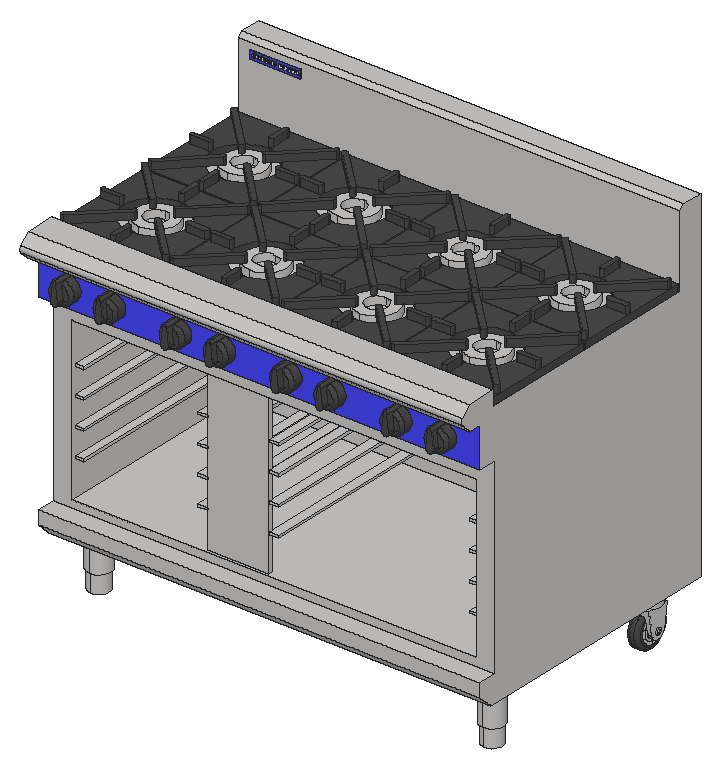
Revit family "QF_MOFFAT_BLUESEAL_CE_G518D-CB", category Specialty Equipment, Revit 2012
Parameters
  Weight in Pounds = 435  # constant formula
  URL Cutsheet = "www.moffat.com"
  URL = "www.moffat.com"
  Type Mark [instance] = ""
  Status [instance] = ""
  Specification by User [instance] = ""
  Specification by Manufacturer = ""
  Show Logo [instance] = yes
  Show Casters [instance] = yes
  Serial Number = ""
  Seismic Rating = ""
  SMACNA No = ""
  Revision Code [instance] = ""
  Omniclass Number and Title = ""
  NAFEM Spec ID Number = ""
  Model = "G518D-CB"
  Mechanical Remarks [instance] = ""
  Mechanical Connection Type [instance] = ""
  Masterspec = ""
  Manufacturer = "MOFFAT BLUESEAL"
  Legs [instance] = not(Show Casters)  # no
  Item Number [instance] = ""
  Installed By [instance] = ""
  Identify Quantity as Lot [instance] = yes
  Gas Size = 3/4"
  Gas RI Height [instance] = 0.0 mm
  Gas KW [instance] = 62.2
  Gas Input [instance] = 212311.0 Btu/h
  Gas Connection Height = 0.0 mm
  Furnished By [instance] = ""
  Foodservice Equipment Identifier [instance] = yes
  Description = "1200MM GAS COOK TOP ON CABINET BASE"
  CSI MasterFormat = ""
  CSI Master Format = ""
  Body Height [instance] = 915.0 mm
  Base Height [instance] = 150.0 mm
Reference planes
  plane 1 "BACK": y = 0
  plane 2: z = 0
  plane 3 "LEFT": x = 0
  plane 4 "RIGHT": x = 1200
  plane 5 "FRONT": y = -812
  plane 6 "TOP": z = 970
  plane 7 "Center Y": x = 600
  plane 8 "Center X": y = -406
  plane 9 "Base Height": z = 150
  plane 10: x = 1134
  plane 11: x = 65
  plane 12: z = 915
  plane 13: z = 1085
  plane 14: y = -100
  plane 15: y = -625
Forms (mm)
  Extrusion 1, solid, material "QF_Finishes_Stainless Steel"
    sketch origin (0, 0, 0) x (0, 1, 0) y (0, 0, 1)
      loop
        line (0, 150) -> (0, 1085) -> (-57.5, 1085) -> (-70, 1072.5) -> (-70, 875) -> (-705, 875) -> (-705, 915) -> (-783.97, 915) -> (-808.485, 890.485)
        arc (-808.485, 890.485) -> (-811.999, 882) -> (-808.485, 873.515) r 12
        line (-808.485, 873.515) -> (-784.97, 850) -> (-749, 850) -> (-749, 740) -> (-135.7, 740) -> (-135.7, 150) -> (0, 150)
      loop
        line (-699, 222.5) -> (-749, 222.5) -> (-749, 186) -> (-713, 150) -> (-699, 150) -> (-699, 222.5)
    from 0 to 1200
  Extrusion 2, solid, material "QF_Finishes_Stainless Steel"
    sketch origin (705, 3, 100) x (1, 0, 0) y (0, 1, 0)
      loop
        circle (365, -35) r 13.5
    from 555 to 599.856
  Revolve 3, solid, material "QF_Finishes_Black"
    sketch origin (89.999, 7, 759.972) x (0, 1, 0) y (0, 0, -1)
      loop
        line (-789, -69.5) -> (-766, -69.5) -> (-766, -42) -> (-756, -42) -> (-756, -37) -> (-800, -37) -> (-800, -63.651) -> (-789, -69.5)
      axis (-800, -37) -> (-756, -37)
    angle from 0 to 360
  Extrusion 4, solid, material "QF_Finishes_Black"
    sketch origin (228.269, 0, 760.13) x (-1, 0, 0) y (0, 0, -1)
      loop
        line (127.85, -26.064) -> (133.27, -68.983)
        arc (133.27, -68.983) -> (138.269, -73.87) -> (143.267, -68.983) r 5
        line (143.267, -68.983) -> (148.756, -24.898)
        arc (148.756, -24.898) -> (137.684, -14.399) -> (127.85, -26.064) r 10.487
    from 759 to 808
  Revolve 5, solid, material "QF_Finishes_Stainless Steel"
    sketch origin (65, -728, 0) x (0, 1, 0) y (0, 0, 1)
      loop
        line (71.25, 150) -> (71.25, 50) -> (75.5, 50) -> (75.5, 0) -> (103, 0) -> (103, 150) -> (71.25, 150)
      axis (103, 150) -> (103, 0)
    angle from 0 to 360
  Revolve 6, solid, material "QF_Finishes_Stainless Steel"
    sketch origin (1134, -728, 0) x (0, 1, 0) y (0, 0, -1)
      loop
        line (71.25, -150) -> (103, -150) -> (103, 0) -> (75.5, 0) -> (75.5, -50) -> (71.25, -50) -> (71.25, -150)
      axis (103, -150) -> (103, 0)
    angle from 0 to 360
  Extrusion 7, solid, material "QF_Finishes_Stainless Steel"
    sketch origin (0, 0, 0) x (1, 0, 0) y (0, 0, 1)
      loop
        line (0, 740) -> (0, 150) -> (1200, 150) -> (1200, 740) -> (0, 740)
      loop
        line (50, 680) -> (50, 242.5) -> (1150, 242.5) -> (1150, 680) -> (50, 680)
    from 135.7 to 699
  Extrusion 8, void
    sketch origin (0, 0, 150) x (-1, 0, 0) y (0, -1, 0)
      loop
        line (-1133.988, 87.26) -> (-1133.988, -30.24) -> (-1004.488, -30.24) -> (-1004.488, 38.76) -> (-1052.988, 87.26) -> (-1133.988, 87.26)
    from 72.5 to 549.856
  Extrusion 9, solid, material "QF_Finishes_Stainless Steel"
    sketch origin (0, -135.7, 735) x (0, 0, 1) y (-1, 0, 0)
      loop
        line (-50, -578.5) -> (-50, -412.5) -> (-492.5, -412.5) -> (-492.5, -578.5) -> (-50, -578.5)
    from 543.302 to 553.302
  Extrusion 10, solid, material "QF_Finishes_Stainless Steel"
    sketch origin (0, -135.7, 735) x (0, 0, 1) y (-1, 0, 0)
      loop
        line (-246.25, -410.75) -> (-239.9, -410.75) -> (-239.9, -385.75) -> (-246.25, -385.75) -> (-246.25, -410.75)
      loop
        line (-321.25, -410.75) -> (-314.9, -410.75) -> (-314.9, -385.75) -> (-321.25, -385.75) -> (-321.25, -410.75)
      loop
        line (-321.25, -50) -> (-321.25, -75) -> (-314.9, -75) -> (-314.9, -50) -> (-321.25, -50)
      loop
        line (-239.9, -75) -> (-239.9, -50) -> (-246.25, -50) -> (-246.25, -75) -> (-239.9, -75)
      loop
        line (-396.25, -410.75) -> (-389.9, -410.75) -> (-389.9, -385.75) -> (-396.25, -385.75) -> (-396.25, -410.75)
      loop
        line (-396.25, -50) -> (-396.25, -75) -> (-389.9, -75) -> (-389.9, -50) -> (-396.25, -50)
      loop
        line (-171.25, -410.75) -> (-164.9, -410.75) -> (-164.9, -385.75) -> (-171.25, -385.75) -> (-171.25, -410.75)
      loop
        line (-164.9, -75) -> (-164.9, -50) -> (-171.25, -50) -> (-171.25, -75) -> (-164.9, -75)
      loop
        line (-246.25, -579.25) -> (-246.25, -604.25) -> (-239.9, -604.25) -> (-239.9, -579.25) -> (-246.25, -579.25)
      loop
        line (-321.25, -579.25) -> (-321.25, -604.25) -> (-314.9, -604.25) -> (-314.9, -579.25) -> (-321.25, -579.25)
      loop
        line (-321.25, -1150) -> (-314.9, -1150) -> (-314.9, -1125) -> (-321.25, -1125) -> (-321.25, -1150)
      loop
        line (-239.9, -1125) -> (-246.25, -1125) -> (-246.25, -1150) -> (-239.9, -1150) -> (-239.9, -1125)
      loop
        line (-396.25, -579.25) -> (-396.25, -604.25) -> (-389.9, -604.25) -> (-389.9, -579.25) -> (-396.25, -579.25)
      loop
        line (-396.25, -1150) -> (-389.9, -1150) -> (-389.9, -1125) -> (-396.25, -1125) -> (-396.25, -1150)
      loop
        line (-171.25, -579.25) -> (-171.25, -604.25) -> (-164.9, -604.25) -> (-164.9, -579.25) -> (-171.25, -579.25)
      loop
        line (-164.9, -1125) -> (-171.25, -1125) -> (-171.25, -1150) -> (-164.9, -1150) -> (-164.9, -1125)
    from 0 to 553.302
  Revolve 11, solid, material "QF_Finishes_Black"
    sketch origin (210, 7, 760) x (0, 1, 0) y (0, 0, -1)
      loop
        line (-789, -69.5) -> (-766, -69.5) -> (-766, -42) -> (-756, -42) -> (-756, -37) -> (-800, -37) -> (-800, -63.651) -> (-789, -69.5)
      axis (-800, -37) -> (-756, -37)
    angle from 0 to 360
  Extrusion 12, solid, material "QF_Finishes_Black"
    sketch origin (348.27, 0, 760.158) x (-1, 0, 0) y (0, 0, -1)
      loop
        line (127.85, -26.064) -> (133.27, -68.983)
        arc (133.27, -68.983) -> (138.269, -73.87) -> (143.267, -68.983) r 5
        line (143.267, -68.983) -> (148.756, -24.898)
        arc (148.756, -24.898) -> (137.684, -14.399) -> (127.85, -26.064) r 10.487
    from 759 to 808
  Revolve 13, solid, material "QF_Finishes_Black"
    sketch origin (390, 7, 760) x (0, 1, 0) y (0, 0, -1)
      loop
        line (-789, -69.5) -> (-766, -69.5) -> (-766, -42) -> (-756, -42) -> (-756, -37) -> (-800, -37) -> (-800, -63.651) -> (-789, -69.5)
      axis (-800, -37) -> (-756, -37)
    angle from 0 to 360
  Extrusion 14, solid, material "QF_Finishes_Black"
    sketch origin (528.27, 0, 760.158) x (-1, 0, 0) y (0, 0, -1)
      loop
        line (127.85, -26.064) -> (133.27, -68.983)
        arc (133.27, -68.983) -> (138.269, -73.87) -> (143.267, -68.983) r 5
        line (143.267, -68.983) -> (148.756, -24.898)
        arc (148.756, -24.898) -> (137.684, -14.399) -> (127.85, -26.064) r 10.487
    from 759 to 808
  Revolve 15, solid, material "QF_Finishes_Black"
    sketch origin (510.001, 7, 760.028) x (0, 1, 0) y (0, 0, -1)
      loop
        line (-789, -69.5) -> (-766, -69.5) -> (-766, -42) -> (-756, -42) -> (-756, -37) -> (-800, -37) -> (-800, -63.651) -> (-789, -69.5)
      axis (-800, -37) -> (-756, -37)
    angle from 0 to 360
  Extrusion 16, solid, material "QF_Finishes_Black"
    sketch origin (648.27, 0, 760.186) x (-1, 0, 0) y (0, 0, -1)
      loop
        line (127.85, -26.064) -> (133.27, -68.983)
        arc (133.27, -68.983) -> (138.269, -73.87) -> (143.267, -68.983) r 5
        line (143.267, -68.983) -> (148.756, -24.898)
        arc (148.756, -24.898) -> (137.684, -14.399) -> (127.85, -26.064) r 10.487
    from 759 to 808
  Revolve 17, solid, material "QF_Finishes_Black"
    sketch origin (690, 7, 760) x (0, 1, 0) y (0, 0, -1)
      loop
        line (-789, -69.5) -> (-766, -69.5) -> (-766, -42) -> (-756, -42) -> (-756, -37) -> (-800, -37) -> (-800, -63.651) -> (-789, -69.5)
      axis (-800, -37) -> (-756, -37)
    angle from 0 to 360
  Extrusion 18, solid, material "QF_Finishes_Black"
    sketch origin (828.27, 0, 760.158) x (-1, 0, 0) y (0, 0, -1)
      loop
        line (127.85, -26.064) -> (133.27, -68.983)
        arc (133.27, -68.983) -> (138.269, -73.87) -> (143.267, -68.983) r 5
        line (143.267, -68.983) -> (148.756, -24.898)
        arc (148.756, -24.898) -> (137.684, -14.399) -> (127.85, -26.064) r 10.487
    from 759 to 808
  Revolve 19, solid, material "QF_Finishes_Black"
    sketch origin (810.001, 7, 760.028) x (0, 1, 0) y (0, 0, -1)
      loop
        line (-789, -69.5) -> (-766, -69.5) -> (-766, -42) -> (-756, -42) -> (-756, -37) -> (-800, -37) -> (-800, -63.651) -> (-789, -69.5)
      axis (-800, -37) -> (-756, -37)
    angle from 0 to 360
  Extrusion 20, solid, material "QF_Finishes_Black"
    sketch origin (948.27, 0, 760.186) x (-1, 0, 0) y (0, 0, -1)
      loop
        line (127.85, -26.064) -> (133.27, -68.983)
        arc (133.27, -68.983) -> (138.269, -73.87) -> (143.267, -68.983) r 5
        line (143.267, -68.983) -> (148.756, -24.898)
        arc (148.756, -24.898) -> (137.684, -14.399) -> (127.85, -26.064) r 10.487
    from 759 to 808
  Revolve 21, solid, material "QF_Finishes_Black"
    sketch origin (990, 7, 760) x (0, 1, 0) y (0, 0, -1)
      loop
        line (-789, -69.5) -> (-766, -69.5) -> (-766, -42) -> (-756, -42) -> (-756, -37) -> (-800, -37) -> (-800, -63.651) -> (-789, -69.5)
      axis (-800, -37) -> (-756, -37)
    angle from 0 to 360
  Extrusion 22, solid, material "QF_Finishes_Black"
    sketch origin (1128.27, 0, 760.158) x (-1, 0, 0) y (0, 0, -1)
      loop
        line (127.85, -26.064) -> (133.27, -68.983)
        arc (133.27, -68.983) -> (138.269, -73.87) -> (143.267, -68.983) r 5
        line (143.267, -68.983) -> (148.756, -24.898)
        arc (148.756, -24.898) -> (137.684, -14.399) -> (127.85, -26.064) r 10.487
    from 759 to 808
  Revolve 23, solid, material "QF_Finishes_Black"
    sketch origin (1110.001, 7, 760.028) x (0, 1, 0) y (0, 0, -1)
      loop
        line (-789, -69.5) -> (-766, -69.5) -> (-766, -42) -> (-756, -42) -> (-756, -37) -> (-800, -37) -> (-800, -63.651) -> (-789, -69.5)
      axis (-800, -37) -> (-756, -37)
    angle from 0 to 360
  Extrusion 24, solid, material "QF_Finishes_Black"
    sketch origin (1248.27, 0, 760.186) x (-1, 0, 0) y (0, 0, -1)
      loop
        line (127.85, -26.064) -> (133.27, -68.983)
        arc (133.27, -68.983) -> (138.269, -73.87) -> (143.267, -68.983) r 5
        line (143.267, -68.983) -> (148.756, -24.898)
        arc (148.756, -24.898) -> (137.684, -14.399) -> (127.85, -26.064) r 10.487
    from 759 to 808
  Revolve 25, solid, material "QF_Finishes_Stainless Steel", visible <- "Legs"
    sketch origin (65.5, -166, 0) x (0, 1, 0) y (0, 0, 1)
      loop
        line (34.25, 150) -> (34.25, 50) -> (38.5, 50) -> (38.5, 0) -> (66, 0) -> (66, 150) -> (34.25, 150)
      axis (66, 150) -> (66, 0)
    angle from 0 to 360
  Revolve 26, solid, material "QF_Finishes_Stainless Steel", visible <- "Show Casters"
    sketch origin (16.276, -100.755, -12.8) x (1, 0, 0) y (0, 0, 1)
      loop
        line (14.841, 63.604) -> (83.584, 63.604) -> (83.584, 67.109) -> (82.314, 68.379) -> (80.79, 68.379) -> (80.79, 71.826) -> (68.644, 71.826) -> (68.644, 81.79) -> (65.088, 83.843) -> (63.738, 92.179) -> (65.881, 92.179) -> (65.881, 98.529) -> (65.088, 98.529) -> (65.088, 104.879)
        arc (65.088, 104.879) -> (62.298, 111.614) -> (55.563, 114.404) r 9.525
        line (55.563, 114.404) -> (42.863, 114.404)
        arc (42.863, 114.404) -> (36.127, 111.614) -> (33.338, 104.879) r 9.525
        line (33.338, 104.879) -> (33.338, 98.529) -> (32.544, 98.529) -> (32.544, 92.179) -> (34.687, 92.179) -> (33.352, 83.932) -> (29.782, 81.871) -> (29.782, 71.826) -> (17.635, 71.826) -> (17.635, 68.379) -> (16.111, 68.379) -> (14.841, 67.109) -> (14.841, 63.604)
      axis (14.841, 63.604) -> (83.584, 63.604)
    angle from 0 to 360
  Extrusion 27, solid, material "QF_Finishes_Stainless Steel", visible <- "Show Casters"
    sketch origin (72.001, 132.353, -8.783) x (0, 1, 0) y (0, 0, 1)
      loop
        line (-200.603, 118.783) -> (-264.103, 118.783) -> (-251.746, 53.895)
        arc (-251.746, 53.895) -> (-232.353, 38.783) -> (-212.959, 53.895) r 20
        line (-212.959, 53.895) -> (-200.603, 118.783)
    from -35.667 to 22.923
  Revolve 28, solid, material "QF_Finishes_Stainless Steel", visible <- "Show Casters"
    sketch origin (65.5, -204, 0) x (0, 1, 0) y (0, 0, 1)
      loop
        line (68.25, 150) -> (68.25, 110) -> (104, 110) -> (104, 150) -> (68.25, 150)
      axis (104, 150) -> (104, 110)
    angle from 0 to 360
  Revolve 29, solid, material "QF_Finishes_Stainless Steel", visible <- "Legs"
    sketch origin (65.5, -166, 0) x (0, 1, 0) y (0, 0, 1)
      loop
        line (34.25, 150) -> (34.25, 50) -> (38.5, 50) -> (38.5, 0) -> (66, 0) -> (66, 150) -> (34.25, 150)
      axis (66, 150) -> (66, 0)
    angle from 0 to 360
  Revolve 30, solid, material "QF_Finishes_Stainless Steel", visible <- "Legs"
    sketch origin (1134.5, -166, 0) x (0, 1, 0) y (0, 0, -1)
      loop
        line (34.25, -150) -> (66, -150) -> (66, 0) -> (38.5, 0) -> (38.5, -50) -> (34.25, -50) -> (34.25, -150)
      axis (66, -150) -> (66, 0)
    angle from 0 to 360
  Revolve 31, solid, material "QF_Finishes_Stainless Steel", visible <- "Show Casters"
    sketch origin (1183.724, -100.755, -12.8) x (-1, 0, 0) y (0, 0, -1)
      loop
        line (14.841, -63.604) -> (14.841, -67.109) -> (16.111, -68.379) -> (17.635, -68.379) -> (17.635, -71.826) -> (29.782, -71.826) -> (29.782, -81.871) -> (33.352, -83.932) -> (34.687, -92.179) -> (32.544, -92.179) -> (32.544, -98.529) -> (33.338, -98.529) -> (33.338, -104.879)
        arc (33.338, -104.879) -> (36.127, -111.614) -> (42.863, -114.404) r 9.525
        line (42.863, -114.404) -> (55.563, -114.404)
        arc (55.563, -114.404) -> (62.298, -111.614) -> (65.088, -104.879) r 9.525
        line (65.088, -104.879) -> (65.088, -98.529) -> (65.881, -98.529) -> (65.881, -92.179) -> (63.738, -92.179) -> (65.088, -83.843) -> (68.644, -81.79) -> (68.644, -71.826) -> (80.79, -71.826) -> (80.79, -68.379) -> (82.314, -68.379) -> (83.584, -67.109) -> (83.584, -63.604) -> (14.841, -63.604)
      axis (14.841, -63.604) -> (83.584, -63.604)
    angle from 0 to 360
  Extrusion 32, solid, material "QF_Finishes_Stainless Steel", visible <- "Show Casters"
    sketch origin (1127.999, 132.353, -8.783) x (0, 1, 0) y (0, 0, -1)
      loop
        line (-200.603, -118.783) -> (-212.959, -53.895)
        arc (-212.959, -53.895) -> (-232.353, -38.783) -> (-251.746, -53.895) r 20
        line (-251.746, -53.895) -> (-264.103, -118.783) -> (-200.603, -118.783)
    from -35.667 to 22.923
  Revolve 33, solid, material "QF_Finishes_Stainless Steel", visible <- "Show Casters"
    sketch origin (1134.5, -204, 0) x (0, 1, 0) y (0, 0, -1)
      loop
        line (68.25, -150) -> (104, -150) -> (104, -110) -> (68.25, -110) -> (68.25, -150)
      axis (104, -150) -> (104, -110)
    angle from 0 to 360
  Revolve 34, solid, material "QF_Finishes_Stainless Steel", visible <- "Legs"
    sketch origin (1134.5, -166, 0) x (0, 1, 0) y (0, 0, -1)
      loop
        line (34.25, -150) -> (66, -150) -> (66, 0) -> (38.5, 0) -> (38.5, -50) -> (34.25, -50) -> (34.25, -150)
      axis (66, -150) -> (66, 0)
    angle from 0 to 360
Cuts and joins
  Extrusion 8 cuts Extrusion 1
  joined: Extrusion 1, Extrusion 7
Lines and regions (mm)
  Split face 1
    outline origin (1200, 0, 1085) x (-1, 0, 0) y (0, -1, 0)
      loop
        arc (1167.206, 18.385) -> (1175.866, 23.385) -> (1175.866, 33.385) r 10
        line (1175.866, 33.385) -> (1171.824, 40.385)
        arc (1171.824, 40.385) -> (1168.164, 44.045) -> (1163.164, 45.385) r 10
        line (1163.164, 45.385) -> (935.206, 45.385)
        arc (935.206, 45.385) -> (926.545, 40.385) -> (926.545, 30.385) r 10
        line (926.545, 30.385) -> (930.587, 23.385)
        arc (930.587, 23.385) -> (934.247, 19.725) -> (939.247, 18.385) r 10
        line (939.247, 18.385) -> (1167.206, 18.385)
  Split face 2
    outline origin (1200, 0, 1085) x (-1, 0, 0) y (0, -1, 0)
      loop
        arc (35.206, 45.385) -> (26.545, 40.385) -> (26.545, 30.385) r 10
        line (26.545, 30.385) -> (30.587, 23.385)
        arc (30.587, 23.385) -> (34.247, 19.725) -> (39.247, 18.385) r 10
        line (39.247, 18.385) -> (267.206, 18.385)
        arc (267.206, 18.385) -> (275.866, 23.385) -> (275.866, 33.385) r 10
        line (275.866, 33.385) -> (271.824, 40.385)
        arc (271.824, 40.385) -> (268.164, 44.045) -> (263.164, 45.385) r 10
        line (263.164, 45.385) -> (35.206, 45.385)
  Split face 3
    outline origin (1200, 0, 1085) x (-1, 0, 0) y (0, -1, 0)
      loop
        arc (335.206, 45.385) -> (326.545, 40.385) -> (326.545, 30.385) r 10
        line (326.545, 30.385) -> (330.587, 23.385)
        arc (330.587, 23.385) -> (334.247, 19.725) -> (339.247, 18.385) r 10
        line (339.247, 18.385) -> (567.206, 18.385)
        arc (567.206, 18.385) -> (575.866, 23.385) -> (575.866, 33.385) r 10
        line (575.866, 33.385) -> (571.824, 40.385)
        arc (571.824, 40.385) -> (568.164, 44.045) -> (563.164, 45.385) r 10
        line (563.164, 45.385) -> (335.206, 45.385)
  Split face 4
    outline origin (1200, 0, 1085) x (-1, 0, 0) y (0, -1, 0)
      loop
        arc (867.206, 18.385) -> (875.866, 23.385) -> (875.866, 33.385) r 10
        line (875.866, 33.385) -> (871.824, 40.385)
        arc (871.824, 40.385) -> (868.164, 44.045) -> (863.164, 45.385) r 10
        line (863.164, 45.385) -> (635.206, 45.385)
        arc (635.206, 45.385) -> (626.545, 40.385) -> (626.545, 30.385) r 10
        line (626.545, 30.385) -> (630.587, 23.385)
        arc (630.587, 23.385) -> (634.247, 19.725) -> (639.247, 18.385) r 10
        line (639.247, 18.385) -> (867.206, 18.385)
  symbolic lines
    curve 1: line (1200, -812, 0) -> (1200, 0, 0)
    curve 2: line (0, -812, 0) -> (1200, -812, 0)
    curve 3: line (0, 0, 0) -> (0, -812, 0)
    curve 12: line (632.794, -18.385, 0) -> (860.753, -18.385, 0)
    curve 13: line (560.753, -18.385, 0) -> (332.794, -18.385, 0)
    curve 14: arc (332.794, -18.385, 0) -> (324.134, -23.385, 0) -> (324.134, -33.385, 0) r 10
    curve 15: line (324.134, -33.385, 0) -> (328.176, -40.385, 0)
    curve 16: arc (328.176, -40.385, 0) -> (331.836, -44.045, 0) -> (336.836, -45.385, 0) r 10
    curve 17: line (336.836, -45.385, 0) -> (564.794, -45.385, 0)
    curve 18: arc (564.794, -45.385, 0) -> (573.455, -40.385, 0) -> (573.455, -30.385, 0) r 10
    curve 19: line (573.455, -30.385, 0) -> (569.413, -23.385, 0)
    curve 20: arc (569.413, -23.385, 0) -> (565.753, -19.725, 0) -> (560.753, -18.385, 0) r 10
    curve 21: line (32.794, -18.385, 0) -> (260.753, -18.385, 0)
    curve 22: arc (260.753, -18.385, 0) -> (265.753, -19.725, 0) -> (269.413, -23.385, 0) r 10
    curve 23: line (269.413, -23.385, 0) -> (273.455, -30.385, 0)
    curve 24: arc (273.455, -30.385, 0) -> (273.455, -40.385, 0) -> (264.794, -45.385, 0) r 10
    curve 25: line (264.794, -45.385, 0) -> (36.836, -45.385, 0)
    curve 26: arc (36.836, -45.385, 0) -> (31.836, -44.045, 0) -> (28.176, -40.385, 0) r 10
    curve 27: line (28.176, -40.385, 0) -> (24.134, -33.385, 0)
    curve 28: arc (24.134, -33.385, 0) -> (24.134, -23.385, 0) -> (32.794, -18.385, 0) r 10
    curve 29: line (932.794, -18.385, 0) -> (1160.753, -18.385, 0)
    curve 30: arc (1160.753, -18.385, 0) -> (1165.753, -19.725, 0) -> (1169.413, -23.385, 0) r 10
    curve 31: line (1169.413, -23.385, 0) -> (1173.455, -30.385, 0)
    curve 32: arc (1173.455, -30.385, 0) -> (1173.455, -40.385, 0) -> (1164.794, -45.385, 0) r 10
    curve 33: line (1164.794, -45.385, 0) -> (936.836, -45.385, 0)
    curve 34: arc (936.836, -45.385, 0) -> (931.836, -44.045, 0) -> (928.176, -40.385, 0) r 10
    curve 35: line (928.176, -40.385, 0) -> (924.134, -33.385, 0)
    curve 36: arc (924.134, -33.385, 0) -> (924.134, -23.385, 0) -> (932.794, -18.385, 0) r 10
    curve 37: line (636.836, -45.385, 0) -> (864.794, -45.385, 0)
    curve 38: arc (864.794, -45.385, 0) -> (873.455, -40.385, 0) -> (873.455, -30.385, 0) r 10
    curve 39: line (873.455, -30.385, 0) -> (869.413, -23.385, 0)
    curve 40: arc (869.413, -23.385, 0) -> (865.753, -19.725, 0) -> (860.753, -18.385, 0) r 10
    curve 41: line (860.753, -18.385, 0) -> (632.794, -18.385, 0)
    curve 42: arc (632.794, -18.385, 0) -> (624.134, -23.385, 0) -> (624.134, -33.385, 0) r 10
    curve 43: line (624.134, -33.385, 0) -> (628.176, -40.385, 0)
    curve 44: arc (628.176, -40.385, 0) -> (631.836, -44.045, 0) -> (636.836, -45.385, 0) r 10
    curve 45: line (0, 0, 0) -> (1200, 0, 0)
    curve 46: line (0, -783.97, 0) -> (1200, -783.97, 0)
    curve 47: line (-1, -705, 0) -> (1199, -705, 0)
    curve 48: line (0, -70, 0) -> (1200, -70, 0)
    curve 49: line (0, -57.5, 0) -> (1200, -57.5, 0)
  symbolic lines, style "SpecialityEquipmentHiddenLines", visible <- "Show Casters"
    curve 4: line (78.456, -46.735, 0) -> (105.952, -62.61, 0)
    curve 5: line (27.656, -134.723, 0) -> (78.456, -46.735, 0)
    curve 6: line (55.152, -150.598, 0) -> (27.656, -134.723, 0)
    curve 7: line (105.952, -62.61, 0) -> (55.152, -150.598, 0)
    curve 8: line (1148.456, -46.735, 0) -> (1175.952, -62.61, 0)
    curve 9: line (1097.656, -134.723, 0) -> (1148.456, -46.735, 0)
    curve 10: line (1125.152, -150.598, 0) -> (1097.656, -134.723, 0)
    curve 11: line (1175.952, -62.61, 0) -> (1125.152, -150.598, 0)
Dimensions and locks
  equal spacing: plane 3 "LEFT", plane 7 "Center Y", plane 4 "RIGHT"
  plane 3 "LEFT" to plane 4 "RIGHT" = 1200.0 mm
  equal spacing: plane 5 "FRONT", plane 8 "Center X", plane 1 "BACK"
  plane 5 "FRONT" to plane 1 "BACK" = 812.0 mm
  "Base Height": plane 9 "Base Height" to level
  plane 6 "TOP" to level = 970.0 mm
  plane 10 to plane 11 = 1069.0 mm
  level to Extrusion 2 = 655.0 mm
  Extrusion 8 to Extrusion 8 = 477.356 mm
  plane 13 to plane 2 = 1085.0 mm
  Extrusion 2 sketch curve to plane 1 "BACK" = 32.0 mm
  Revolve 26 sketch curve to Revolve 26 sketch curve = 50.8 mm
  Revolve 31 sketch curve to Revolve 31 sketch curve = 50.8 mm
  aligned and locked: level to plane 2
Automatic sketch dimensions
  Extrusion 1 sketch curve to plane 12 = 0.0 mm
  Extrusion 1 sketch curve to plane 9 "Base Height" = 0.0 mm  (x2)
  Extrusion 1 sketch curve to plane 13 = 0.0 mm
  Extrusion 1 sketch curve to plane 1 "BACK" = 0.0 mm
  Extrusion 1 sketch curve to Extrusion 1 sketch curve = 57.5 mm
  Extrusion 1 sketch curve to plane 13 = 12.5 mm
  Extrusion 1 sketch curve to Extrusion 1 sketch curve = 12.5 mm
  plane 1 "BACK" to Extrusion 1 sketch curve = 135.7 mm
  Extrusion 1 sketch curve to plane 5 "FRONT" = 113.0 mm
  Extrusion 1 sketch curve to plane 12 = 40.0 mm
  Extrusion 1 sketch curve to plane 5 "FRONT" = 107.0 mm
  Extrusion 1 sketch curve to Extrusion 1 sketch curve = 14.0 mm
  Extrusion 1 sketch curve to plane 5 "FRONT" = 63.0 mm
  Extrusion 1 sketch curve to Extrusion 1 sketch curve = 50.0 mm
  Extrusion 1 sketch curve to plane 5 "FRONT" = 28.03 mm
  Extrusion 1 sketch curve to plane 5 "FRONT" = 27.03 mm
  Extrusion 1 sketch curve to plane 5 "FRONT" = 12.001 mm
  Extrusion 1 sketch curve to plane 5 "FRONT" = 3.515 mm  (x2)
  plane 9 "Base Height" to Extrusion 1 sketch curve = 36.0 mm
  Extrusion 1 sketch curve to Extrusion 1 sketch curve = 36.5 mm
  Extrusion 1 sketch curve to Extrusion 1 sketch curve = 135.0 mm
  Extrusion 1 sketch curve to Extrusion 1 sketch curve = 25.0 mm
  Extrusion 1 sketch curve to Extrusion 1 sketch curve = 23.515 mm
  Extrusion 1 sketch curve to Extrusion 1 sketch curve = 8.485 mm
  Extrusion 2 sketch curve to plane 10 = 64.0 mm
  Revolve 3 sketch curve to plane 5 "FRONT" = 19.0 mm
  Revolve 3 sketch curve to Revolve 3 sketch curve = 0.0 mm  (x2)
  Revolve 3 sketch curve to Revolve 3 sketch curve = 11.0 mm
  Revolve 3 sketch curve to Revolve 3 sketch curve = 12.7 mm
  Revolve 3 sketch curve to Revolve 3 sketch curve = 23.0 mm
  Revolve 3 sketch curve to Revolve 3 sketch curve = 10.0 mm
  Revolve 3 sketch curve to plane 12 = 85.528 mm
  Revolve 3 sketch curve to Revolve 3 sketch curve = 5.849 mm
  Revolve 3 sketch curve to Revolve 3 sketch curve = 27.5 mm
  Revolve 3 sketch curve to Revolve 3 sketch curve = 5.0 mm
  plane 11 to Extrusion 4 sketch curve = 35.419 mm
  plane 11 to Extrusion 4 sketch curve = 29.999 mm
  Extrusion 4 sketch curve to Extrusion 4 sketch curve = 10.419 mm
  Extrusion 4 sketch curve to Extrusion 4 sketch curve = 4.999 mm  (x2)
  Extrusion 4 sketch curve to Extrusion 4 sketch curve = 10.487 mm
  Extrusion 4 sketch curve to plane 12 = 85.887 mm
  Extrusion 4 sketch curve to Extrusion 4 sketch curve = 0.113 mm
  Extrusion 4 sketch curve to Extrusion 4 sketch curve = 42.919 mm
  Extrusion 4 sketch curve to Extrusion 4 sketch curve = 1.167 mm
  Revolve 5 sketch curve to plane 9 "Base Height" = 0.0 mm
  Revolve 5 sketch curve to level = 0.0 mm
  level to Revolve 5 sketch curve = 50.0 mm
  Revolve 5 sketch curve to plane 5 "FRONT" = 155.25 mm
  Revolve 5 sketch curve to Revolve 5 sketch curve = 4.25 mm
  Revolve 5 sketch curve to Revolve 5 sketch curve = 27.5 mm  (x2)
  Revolve 5 sketch curve to Revolve 5 sketch curve = 55.0 mm
  Revolve 5 sketch curve to Revolve 5 sketch curve = 0.0 mm
  Revolve 6 sketch curve to plane 9 "Base Height" = 0.0 mm
  Revolve 6 sketch curve to level = 0.0 mm
  level to Revolve 6 sketch curve = 50.0 mm
  Revolve 6 sketch curve to plane 5 "FRONT" = 155.25 mm
  Revolve 6 sketch curve to Revolve 6 sketch curve = 4.25 mm
  Revolve 6 sketch curve to Revolve 6 sketch curve = 27.5 mm  (x2)
  Revolve 6 sketch curve to Revolve 6 sketch curve = 0.0 mm
  Revolve 6 sketch curve to Revolve 6 sketch curve = 55.0 mm
  Extrusion 7 sketch curve to plane 3 "LEFT" = 0.0 mm
  plane 4 "RIGHT" to Extrusion 7 sketch curve = 0.0 mm
  Extrusion 7 sketch curve to plane 9 "Base Height" = 0.0 mm
  Extrusion 7 sketch curve to plane 11 = 15.0 mm
  plane 10 to Extrusion 7 sketch curve = 16.0 mm
  plane 9 "Base Height" to Extrusion 7 sketch curve = 92.5 mm
  Extrusion 7 sketch curve to plane 12 = 235.0 mm
  Extrusion 7 sketch curve to Extrusion 7 sketch curve = 60.0 mm
  Extrusion 8 sketch curve to plane 10 = 0.012 mm
  Extrusion 8 sketch curve to Extrusion 8 sketch curve = 81.0 mm
  Extrusion 8 sketch curve to Extrusion 8 sketch curve = 48.5 mm  (x2)
  Extrusion 8 sketch curve to plane 1 "BACK" = 30.24 mm
  plane 1 "BACK" to Extrusion 8 sketch curve = 38.76 mm
  Extrusion 9 sketch curve to Extrusion 1 = 92.5 mm
  Extrusion 1 to Extrusion 9 sketch curve = 55.0 mm
  Extrusion 1 to Extrusion 9 sketch curve = 578.5 mm
  Extrusion 9 sketch curve to Extrusion 9 sketch curve = 166.0 mm
  Extrusion 1 to Extrusion 10 sketch curve = 75.0 mm  (x2)
  Extrusion 10 sketch curve to Extrusion 1 = 188.75 mm  (x3)
  Extrusion 10 sketch curve to Extrusion 10 sketch curve = 0.0 mm  (x9)
  Extrusion 1 to Extrusion 10 sketch curve = 50.0 mm  (x4)
  Extrusion 10 sketch curve to Extrusion 10 sketch curve = 6.35 mm  (x16)
  Extrusion 10 sketch curve to Extrusion 10 sketch curve = 68.65 mm  (x12)
  Extrusion 10 sketch curve to Extrusion 10 sketch curve = 25.0 mm  (x16)
  Extrusion 10 sketch curve to Extrusion 10 sketch curve = 520.75 mm
  Extrusion 10 sketch curve to Extrusion 10 sketch curve = 168.5 mm
  Revolve 11 sketch curve to plane 5 "FRONT" = 19.0 mm
  Revolve 11 sketch curve to Revolve 11 sketch curve = 0.0 mm  (x2)
  Revolve 11 sketch curve to Revolve 11 sketch curve = 11.0 mm
  Revolve 11 sketch curve to Revolve 11 sketch curve = 12.7 mm
  Revolve 11 sketch curve to Revolve 11 sketch curve = 23.0 mm
  Revolve 11 sketch curve to Revolve 11 sketch curve = 10.0 mm
  Revolve 11 sketch curve to plane 12 = 85.5 mm
  Revolve 11 sketch curve to Revolve 11 sketch curve = 5.849 mm
  Revolve 11 sketch curve to Revolve 11 sketch curve = 27.5 mm
  Revolve 11 sketch curve to Revolve 11 sketch curve = 5.0 mm
  plane 11 to Extrusion 12 sketch curve = 155.42 mm
  Extrusion 12 sketch curve to Extrusion 12 sketch curve = 5.421 mm
  Extrusion 12 sketch curve to Extrusion 12 sketch curve = 10.419 mm
  Extrusion 12 sketch curve to Extrusion 12 sketch curve = 4.999 mm  (x2)
  Extrusion 12 sketch curve to plane 12 = 85.859 mm
  Extrusion 12 sketch curve to Extrusion 12 sketch curve = 10.487 mm
  Extrusion 12 sketch curve to Extrusion 12 sketch curve = 0.113 mm
  Extrusion 12 sketch curve to Extrusion 12 sketch curve = 42.919 mm
  Extrusion 12 sketch curve to Extrusion 12 sketch curve = 1.167 mm
  Revolve 13 sketch curve to plane 5 "FRONT" = 19.0 mm
  Revolve 13 sketch curve to Revolve 13 sketch curve = 0.0 mm  (x2)
  Revolve 13 sketch curve to Revolve 13 sketch curve = 11.0 mm
  Revolve 13 sketch curve to Revolve 13 sketch curve = 12.7 mm
  Revolve 13 sketch curve to Revolve 13 sketch curve = 23.0 mm
  Revolve 13 sketch curve to Revolve 13 sketch curve = 10.0 mm
  Revolve 13 sketch curve to plane 12 = 85.5 mm
  Revolve 13 sketch curve to Revolve 13 sketch curve = 5.849 mm
  Revolve 13 sketch curve to Revolve 13 sketch curve = 27.5 mm
  Revolve 13 sketch curve to Revolve 13 sketch curve = 5.0 mm
  Extrusion 14 sketch curve to plane 7 "Center Y" = 199.58 mm
  Extrusion 14 sketch curve to Extrusion 14 sketch curve = 5.421 mm
  Extrusion 14 sketch curve to Extrusion 14 sketch curve = 10.419 mm
  Extrusion 14 sketch curve to Extrusion 14 sketch curve = 4.999 mm  (x2)
  Extrusion 14 sketch curve to plane 12 = 85.859 mm
  Extrusion 14 sketch curve to Extrusion 14 sketch curve = 10.487 mm
  Extrusion 14 sketch curve to Extrusion 14 sketch curve = 0.113 mm
  Extrusion 14 sketch curve to Extrusion 14 sketch curve = 42.919 mm
  Extrusion 14 sketch curve to Extrusion 14 sketch curve = 1.167 mm
  Revolve 15 sketch curve to plane 5 "FRONT" = 19.0 mm
  Revolve 15 sketch curve to Revolve 15 sketch curve = 0.0 mm  (x2)
  Revolve 15 sketch curve to Revolve 15 sketch curve = 11.0 mm
  Revolve 15 sketch curve to Revolve 15 sketch curve = 12.7 mm
  Revolve 15 sketch curve to Revolve 15 sketch curve = 23.0 mm
  Revolve 15 sketch curve to Revolve 15 sketch curve = 10.0 mm
  Revolve 15 sketch curve to plane 12 = 85.472 mm
  Revolve 15 sketch curve to Revolve 15 sketch curve = 5.849 mm
  Revolve 15 sketch curve to Revolve 15 sketch curve = 27.5 mm
  Revolve 15 sketch curve to Revolve 15 sketch curve = 5.0 mm
  Extrusion 16 sketch curve to plane 7 "Center Y" = 79.579 mm
  Extrusion 16 sketch curve to Extrusion 16 sketch curve = 5.421 mm
  Extrusion 16 sketch curve to Extrusion 16 sketch curve = 10.419 mm
  Extrusion 16 sketch curve to Extrusion 16 sketch curve = 4.999 mm  (x2)
  Extrusion 16 sketch curve to plane 12 = 85.831 mm
  Extrusion 16 sketch curve to Extrusion 16 sketch curve = 10.487 mm
  Extrusion 16 sketch curve to Extrusion 16 sketch curve = 0.113 mm
  Extrusion 16 sketch curve to Extrusion 16 sketch curve = 42.919 mm
  Extrusion 16 sketch curve to Extrusion 16 sketch curve = 1.167 mm
  Revolve 17 sketch curve to plane 5 "FRONT" = 19.0 mm
  Revolve 17 sketch curve to Revolve 17 sketch curve = 0.0 mm  (x2)
  Revolve 17 sketch curve to Revolve 17 sketch curve = 11.0 mm
  Revolve 17 sketch curve to Revolve 17 sketch curve = 12.7 mm
  Revolve 17 sketch curve to Revolve 17 sketch curve = 23.0 mm
  Revolve 17 sketch curve to Revolve 17 sketch curve = 10.0 mm
  Revolve 17 sketch curve to plane 12 = 85.5 mm
  Revolve 17 sketch curve to Revolve 17 sketch curve = 5.849 mm
  Revolve 17 sketch curve to Revolve 17 sketch curve = 27.5 mm
  Revolve 17 sketch curve to Revolve 17 sketch curve = 5.0 mm
  plane 7 "Center Y" to Extrusion 18 sketch curve = 100.42 mm
  Extrusion 18 sketch curve to Extrusion 18 sketch curve = 5.421 mm
  Extrusion 18 sketch curve to Extrusion 18 sketch curve = 10.419 mm
  Extrusion 18 sketch curve to Extrusion 18 sketch curve = 4.999 mm  (x2)
  Extrusion 18 sketch curve to Extrusion 18 sketch curve = 10.487 mm
  Extrusion 18 sketch curve to plane 12 = 85.859 mm
  Extrusion 18 sketch curve to Extrusion 18 sketch curve = 0.113 mm
  Extrusion 18 sketch curve to Extrusion 18 sketch curve = 42.919 mm
  Extrusion 18 sketch curve to Extrusion 18 sketch curve = 1.167 mm
  Revolve 19 sketch curve to plane 5 "FRONT" = 19.0 mm
  Revolve 19 sketch curve to Revolve 19 sketch curve = 0.0 mm  (x2)
  Revolve 19 sketch curve to Revolve 19 sketch curve = 11.0 mm
  Revolve 19 sketch curve to Revolve 19 sketch curve = 12.7 mm
  Revolve 19 sketch curve to Revolve 19 sketch curve = 23.0 mm
  Revolve 19 sketch curve to Revolve 19 sketch curve = 10.0 mm
  Revolve 19 sketch curve to plane 12 = 85.472 mm
  Revolve 19 sketch curve to Revolve 19 sketch curve = 5.849 mm
  Revolve 19 sketch curve to Revolve 19 sketch curve = 27.5 mm
  Revolve 19 sketch curve to Revolve 19 sketch curve = 5.0 mm
  plane 7 "Center Y" to Extrusion 20 sketch curve = 220.421 mm
  Extrusion 20 sketch curve to Extrusion 20 sketch curve = 5.421 mm
  Extrusion 20 sketch curve to Extrusion 20 sketch curve = 10.419 mm
  Extrusion 20 sketch curve to Extrusion 20 sketch curve = 4.999 mm  (x2)
  Extrusion 20 sketch curve to plane 12 = 85.831 mm
  Extrusion 20 sketch curve to Extrusion 20 sketch curve = 10.487 mm
  Extrusion 20 sketch curve to Extrusion 20 sketch curve = 0.113 mm
  Extrusion 20 sketch curve to Extrusion 20 sketch curve = 42.919 mm
  Extrusion 20 sketch curve to Extrusion 20 sketch curve = 1.167 mm
  Revolve 21 sketch curve to plane 5 "FRONT" = 19.0 mm
  Revolve 21 sketch curve to Revolve 21 sketch curve = 0.0 mm  (x2)
  Revolve 21 sketch curve to Revolve 21 sketch curve = 11.0 mm
  Revolve 21 sketch curve to Revolve 21 sketch curve = 12.7 mm
  Revolve 21 sketch curve to Revolve 21 sketch curve = 23.0 mm
  Revolve 21 sketch curve to Revolve 21 sketch curve = 10.0 mm
  Revolve 21 sketch curve to plane 12 = 85.5 mm
  Revolve 21 sketch curve to Revolve 21 sketch curve = 5.849 mm
  Revolve 21 sketch curve to Revolve 21 sketch curve = 27.5 mm
  Revolve 21 sketch curve to Revolve 21 sketch curve = 5.0 mm
  Extrusion 22 sketch curve to plane 10 = 133.58 mm
  Extrusion 22 sketch curve to Extrusion 22 sketch curve = 5.421 mm
  Extrusion 22 sketch curve to Extrusion 22 sketch curve = 10.419 mm
  Extrusion 22 sketch curve to Extrusion 22 sketch curve = 4.999 mm  (x2)
  Extrusion 22 sketch curve to plane 12 = 85.859 mm
  Extrusion 22 sketch curve to Extrusion 22 sketch curve = 10.487 mm
  Extrusion 22 sketch curve to Extrusion 22 sketch curve = 0.113 mm
  Extrusion 22 sketch curve to Extrusion 22 sketch curve = 42.919 mm
  Extrusion 22 sketch curve to Extrusion 22 sketch curve = 1.167 mm
  Revolve 23 sketch curve to plane 5 "FRONT" = 19.0 mm
  Revolve 23 sketch curve to Revolve 23 sketch curve = 0.0 mm  (x2)
  Revolve 23 sketch curve to Revolve 23 sketch curve = 11.0 mm
  Revolve 23 sketch curve to Revolve 23 sketch curve = 12.7 mm
  Revolve 23 sketch curve to Revolve 23 sketch curve = 23.0 mm
  Revolve 23 sketch curve to Revolve 23 sketch curve = 10.0 mm
  Revolve 23 sketch curve to plane 12 = 85.472 mm
  Revolve 23 sketch curve to Revolve 23 sketch curve = 5.849 mm
  Revolve 23 sketch curve to Revolve 23 sketch curve = 27.5 mm
  Revolve 23 sketch curve to Revolve 23 sketch curve = 5.0 mm
  Extrusion 24 sketch curve to plane 10 = 13.579 mm
  Extrusion 24 sketch curve to plane 10 = 19.0 mm
  Extrusion 24 sketch curve to Extrusion 24 sketch curve = 10.419 mm
  Extrusion 24 sketch curve to Extrusion 24 sketch curve = 4.999 mm  (x2)
  Extrusion 24 sketch curve to Extrusion 24 sketch curve = 10.487 mm
  Extrusion 24 sketch curve to plane 12 = 85.831 mm
  Extrusion 24 sketch curve to Extrusion 24 sketch curve = 0.113 mm
  Extrusion 24 sketch curve to Extrusion 24 sketch curve = 42.919 mm
  Extrusion 24 sketch curve to Extrusion 24 sketch curve = 1.167 mm
  Split face 1 sketch curve to cut or joined group of Extrusion 1, Extrusion 7, Extrusion 8 = 27.115 mm
  Split face 1 sketch curve to cut or joined group of Extrusion 1, Extrusion 7, Extrusion 8 = 273.455 mm
  Split face 1 sketch curve to Split face 1 sketch curve = 4.041 mm  (x4)
  Split face 1 sketch curve to Split face 1 sketch curve = 8.66 mm  (x2)
  Split face 1 sketch curve to cut or joined group of Extrusion 1, Extrusion 7, Extrusion 8 = 12.115 mm
  Split face 1 sketch curve to cut or joined group of Extrusion 1, Extrusion 7, Extrusion 8 = 36.836 mm
  Split face 1 sketch curve to Split face 1 sketch curve = 7.0 mm  (x3)
  Split face 1 sketch curve to Split face 1 sketch curve = 17.0 mm
  Split face 2 sketch curve to cut or joined group of Extrusion 1, Extrusion 7, Extrusion 8 = 26.545 mm
  Split face 2 sketch curve to Split face 2 sketch curve = 4.041 mm  (x4)
  Split face 2 sketch curve to Split face 2 sketch curve = 8.66 mm  (x2)
  Split face 2 sketch curve to cut or joined group of Extrusion 1, Extrusion 7, Extrusion 8 = 22.115 mm
  Split face 2 sketch curve to Split face 2 sketch curve = 223.917 mm
  Split face 2 sketch curve to cut or joined group of Extrusion 1, Extrusion 7, Extrusion 8 = 17.115 mm
  Split face 2 sketch curve to Split face 2 sketch curve = 10.0 mm
  Split face 2 sketch curve to Split face 2 sketch curve = 7.0 mm  (x3)
  Split face 3 sketch curve to cut or joined group of Extrusion 1, Extrusion 7, Extrusion 8 = 27.115 mm
  Split face 3 sketch curve to cut or joined group of Extrusion 1, Extrusion 7, Extrusion 8 = 326.545 mm
  Split face 3 sketch curve to cut or joined group of Extrusion 1, Extrusion 7, Extrusion 8 = 23.385 mm
  Split face 3 sketch curve to Split face 3 sketch curve = 4.041 mm  (x3)
  Split face 3 sketch curve to Split face 3 sketch curve = 8.66 mm  (x3)
  Split face 3 sketch curve to cut or joined group of Extrusion 1, Extrusion 7, Extrusion 8 = 12.115 mm
  Split face 3 sketch curve to Split face 3 sketch curve = 223.917 mm
  Split face 3 sketch curve to cut or joined group of Extrusion 1, Extrusion 7, Extrusion 8 = 17.115 mm
  Split face 3 sketch curve to cut or joined group of Extrusion 1, Extrusion 7, Extrusion 8 = 24.115 mm
  Split face 3 sketch curve to Split face 3 sketch curve = 5.0 mm
  Split face 4 sketch curve to cut or joined group of Extrusion 1, Extrusion 7, Extrusion 8 = 27.115 mm
  Split face 4 sketch curve to cut or joined group of Extrusion 1, Extrusion 7, Extrusion 8 = 573.455 mm
  Split face 4 sketch curve to Split face 4 sketch curve = 4.041 mm  (x4)
  Split face 4 sketch curve to Split face 4 sketch curve = 8.66 mm  (x2)
  Split face 4 sketch curve to cut or joined group of Extrusion 1, Extrusion 7, Extrusion 8 = 12.115 mm
  Split face 4 sketch curve to Split face 4 sketch curve = 223.917 mm
  Split face 4 sketch curve to Split face 4 sketch curve = 7.0 mm  (x3)
  Split face 4 sketch curve to Split face 4 sketch curve = 17.0 mm
  Revolve 25 sketch curve to plane 9 "Base Height" = 0.0 mm
  Revolve 25 sketch curve to level = 0.0 mm
  level to Revolve 25 sketch curve = 50.0 mm
  plane 1 "BACK" to Revolve 25 sketch curve = 131.75 mm
  Revolve 25 sketch curve to Revolve 25 sketch curve = 4.25 mm
  Revolve 25 sketch curve to Revolve 25 sketch curve = 27.5 mm  (x2)
  Revolve 25 sketch curve to Revolve 25 sketch curve = 55.0 mm
  Revolve 25 sketch curve to Revolve 25 sketch curve = 0.0 mm
  plane 3 "LEFT" to Revolve 26 sketch curve = 31.118 mm
  Revolve 26 sketch curve to Revolve 26 sketch curve = 1.27 mm  (x4)
  Revolve 26 sketch curve to Revolve 26 sketch curve = 1.524 mm  (x2)
  Revolve 26 sketch curve to Revolve 26 sketch curve = 12.146 mm  (x2)
  Revolve 26 sketch curve to plane 11 = 16.18 mm
  Revolve 26 sketch curve to Revolve 26 sketch curve = 0.794 mm  (x2)
  Revolve 26 sketch curve to Revolve 26 sketch curve = 3.57 mm
  Revolve 26 sketch curve to Revolve 26 sketch curve = 2.143 mm
  Revolve 26 sketch curve to plane 11 = 5.861 mm
  plane 11 to Revolve 26 sketch curve = 5.63 mm
  plane 11 to Revolve 26 sketch curve = 6.839 mm
  plane 11 to Revolve 26 sketch curve = 15.015 mm
  Revolve 26 sketch curve to Revolve 26 sketch curve = 1.349 mm  (x2)
  Revolve 26 sketch curve to Revolve 26 sketch curve = 3.556 mm
  Revolve 26 sketch curve to Revolve 26 sketch curve = 33.32 mm
  level to Revolve 26 sketch curve = 50.804 mm
  Revolve 26 sketch curve to Revolve 26 sketch curve = 0.0 mm
  Revolve 26 sketch curve to Revolve 26 sketch curve = 3.505 mm  (x2)
  Revolve 26 sketch curve to Revolve 26 sketch curve = 3.447 mm  (x2)
  Revolve 26 sketch curve to Revolve 26 sketch curve = 9.964 mm
  Revolve 26 sketch curve to Revolve 26 sketch curve = 10.045 mm
  Revolve 26 sketch curve to Revolve 26 sketch curve = 2.053 mm
  Revolve 26 sketch curve to Revolve 26 sketch curve = 2.061 mm
  Revolve 26 sketch curve to Revolve 26 sketch curve = 8.247 mm
  Revolve 26 sketch curve to Revolve 26 sketch curve = 8.336 mm
  Revolve 26 sketch curve to Revolve 26 sketch curve = 6.35 mm  (x2)
  Extrusion 27 sketch curve to plane 9 "Base Height" = 40.0 mm
  plane 1 "BACK" to Extrusion 27 sketch curve = 131.75 mm
  level to Extrusion 27 sketch curve = 45.111 mm  (x2)
  Extrusion 27 sketch curve to Extrusion 27 sketch curve = 12.357 mm
  Extrusion 27 sketch curve to Extrusion 27 sketch curve = 19.393 mm
  Extrusion 27 sketch curve to Extrusion 27 sketch curve = 63.5 mm
  Extrusion 27 sketch curve to Extrusion 27 sketch curve = 4.889 mm
  Revolve 28 sketch curve to plane 9 "Base Height" = 0.0 mm
  Revolve 28 sketch curve to plane 9 "Base Height" = 40.0 mm
  plane 1 "BACK" to Revolve 28 sketch curve = 135.75 mm
  plane 1 "BACK" to Revolve 28 sketch curve = 100.0 mm
  Revolve 28 sketch curve to Revolve 28 sketch curve = 35.75 mm
  level to Revolve 28 sketch curve = 50.0 mm
  Revolve 28 sketch curve to level = 55.0 mm
  Revolve 29 sketch curve to plane 9 "Base Height" = 0.0 mm
  Revolve 29 sketch curve to level = 0.0 mm
  level to Revolve 29 sketch curve = 50.0 mm
  plane 1 "BACK" to Revolve 29 sketch curve = 131.75 mm
  Revolve 29 sketch curve to Revolve 29 sketch curve = 4.25 mm
  Revolve 29 sketch curve to Revolve 29 sketch curve = 27.5 mm  (x2)
  Revolve 29 sketch curve to Revolve 29 sketch curve = 55.0 mm
  Revolve 29 sketch curve to Revolve 29 sketch curve = 0.0 mm
  Revolve 30 sketch curve to plane 9 "Base Height" = 0.0 mm
  Revolve 30 sketch curve to level = 0.0 mm
  level to Revolve 30 sketch curve = 50.0 mm
  plane 1 "BACK" to Revolve 30 sketch curve = 131.75 mm
  Revolve 30 sketch curve to Revolve 30 sketch curve = 4.25 mm
  Revolve 30 sketch curve to Revolve 30 sketch curve = 27.5 mm  (x2)
  Revolve 30 sketch curve to Revolve 30 sketch curve = 0.0 mm
  Revolve 30 sketch curve to Revolve 30 sketch curve = 55.0 mm
  plane 4 "RIGHT" to Revolve 31 sketch curve = 31.118 mm
  Revolve 31 sketch curve to Revolve 31 sketch curve = 1.27 mm  (x4)
  Revolve 31 sketch curve to Revolve 31 sketch curve = 1.524 mm  (x2)
  Revolve 31 sketch curve to Revolve 31 sketch curve = 12.146 mm  (x2)
  Revolve 31 sketch curve to Revolve 31 sketch curve = 2.762 mm
  Revolve 31 sketch curve to Revolve 31 sketch curve = 0.794 mm  (x2)
  Revolve 31 sketch curve to Revolve 31 sketch curve = 3.57 mm
  Revolve 31 sketch curve to Revolve 31 sketch curve = 2.143 mm
  plane 10 to Revolve 31 sketch curve = 6.861 mm
  Revolve 31 sketch curve to plane 10 = 4.63 mm
  Revolve 31 sketch curve to plane 10 = 5.839 mm
  Revolve 31 sketch curve to plane 10 = 14.015 mm
  Revolve 31 sketch curve to Revolve 31 sketch curve = 1.349 mm  (x2)
  Revolve 31 sketch curve to Revolve 31 sketch curve = 3.556 mm
  Revolve 31 sketch curve to Revolve 31 sketch curve = 33.32 mm
  Revolve 31 sketch curve to plane 9 "Base Height" = 48.396 mm
  Revolve 31 sketch curve to Revolve 31 sketch curve = 6.35 mm  (x4)
  Revolve 31 sketch curve to Revolve 31 sketch curve = 8.247 mm
  Revolve 31 sketch curve to Revolve 31 sketch curve = 8.336 mm
  Revolve 31 sketch curve to Revolve 31 sketch curve = 2.061 mm
  Revolve 31 sketch curve to Revolve 31 sketch curve = 2.053 mm
  Revolve 31 sketch curve to Revolve 31 sketch curve = 10.045 mm
  Revolve 31 sketch curve to Revolve 31 sketch curve = 9.964 mm
  Revolve 31 sketch curve to Revolve 31 sketch curve = 3.447 mm  (x2)
  Revolve 31 sketch curve to Revolve 31 sketch curve = 3.505 mm
  Extrusion 32 sketch curve to plane 9 "Base Height" = 40.0 mm
  plane 1 "BACK" to Extrusion 32 sketch curve = 131.75 mm
  level to Extrusion 32 sketch curve = 45.111 mm  (x2)
  Extrusion 32 sketch curve to Extrusion 32 sketch curve = 12.357 mm
  Extrusion 32 sketch curve to Extrusion 32 sketch curve = 19.393 mm
  Extrusion 32 sketch curve to Extrusion 32 sketch curve = 63.5 mm
  Extrusion 32 sketch curve to Extrusion 32 sketch curve = 4.889 mm
  Revolve 33 sketch curve to plane 9 "Base Height" = 0.0 mm
  Revolve 33 sketch curve to plane 9 "Base Height" = 40.0 mm
  plane 1 "BACK" to Revolve 33 sketch curve = 135.75 mm
  plane 1 "BACK" to Revolve 33 sketch curve = 100.0 mm
  Revolve 33 sketch curve to Revolve 33 sketch curve = 35.75 mm
  level to Revolve 33 sketch curve = 50.0 mm
  Revolve 33 sketch curve to level = 55.0 mm
  Revolve 34 sketch curve to plane 9 "Base Height" = 0.0 mm
  Revolve 34 sketch curve to level = 0.0 mm
  level to Revolve 34 sketch curve = 50.0 mm
  plane 1 "BACK" to Revolve 34 sketch curve = 131.75 mm
  Revolve 34 sketch curve to Revolve 34 sketch curve = 4.25 mm
  Revolve 34 sketch curve to Revolve 34 sketch curve = 27.5 mm  (x2)
  Revolve 34 sketch curve to Revolve 34 sketch curve = 0.0 mm
  Revolve 34 sketch curve to Revolve 34 sketch curve = 55.0 mm
  curve 3 to plane 3 "LEFT" = 0.0 mm
  curve 45 to plane 4 "RIGHT" = 0.0 mm
  plane 5 "FRONT" to curve 3 = 0.0 mm
  plane 1 "BACK" to curve 1 = 0.0 mm
  plane 3 "LEFT" to curve 28 = 24.134 mm
  plane 3 "LEFT" to curve 6 = 27.656 mm
  curve 28 to curve 26 = 4.041 mm
  curve 28 to curve 28 = 8.66 mm
  curve 26 to curve 25 = 8.66 mm
  curve 6 to plane 11 = 9.848 mm
  plane 11 to curve 5 = 13.456 mm
  plane 1 "BACK" to curve 22 = 28.385 mm
  curve 4 to curve 22 = 154.801 mm
  curve 22 to curve 24 = 4.041 mm
  curve 22 to curve 22 = 8.66 mm
  plane 1 "BACK" to curve 23 = 30.385 mm
  curve 22 to curve 23 = 4.041 mm
  curve 23 to curve 14 = 50.679 mm
  curve 15 to curve 16 = 4.041 mm
  curve 14 to curve 14 = 8.66 mm
  curve 15 to curve 16 = 8.66 mm
  plane 1 "BACK" to curve 13 = 18.385 mm
  curve 13 to plane 7 "Center Y" = 39.247 mm
  curve 20 to curve 17 = 4.041 mm
  plane 1 "BACK" to curve 19 = 23.385 mm
  curve 20 to curve 19 = 8.66 mm
  curve 19 to curve 18 = 4.041 mm
  plane 7 "Center Y" to curve 42 = 24.134 mm
  curve 42 to curve 44 = 4.041 mm
  curve 42 to curve 42 = 8.66 mm
  curve 44 to curve 44 = 8.66 mm
  plane 1 "BACK" to curve 40 = 28.385 mm
  curve 44 to curve 40 = 223.917 mm
  curve 40 to curve 37 = 4.041 mm
  curve 40 to curve 40 = 8.66 mm
  plane 1 "BACK" to curve 39 = 30.385 mm
  curve 39 to curve 39 = 4.041 mm
  plane 1 "BACK" to curve 35 = 33.385 mm
  curve 39 to curve 35 = 50.679 mm
  curve 36 to curve 34 = 4.041 mm  (x2)
  curve 36 to curve 36 = 8.66 mm
  curve 10 to plane 10 = 36.344 mm
  curve 11 to plane 10 = 8.848 mm
  plane 10 to curve 8 = 14.456 mm
  plane 10 to curve 30 = 26.753 mm
  curve 8 to curve 32 = 16.339 mm
  plane 1 "BACK" to curve 31 = 23.385 mm
  curve 30 to curve 31 = 8.66 mm
  curve 31 to curve 32 = 4.041 mm
  plane 14 to curve 7 = 50.598 mm
  plane 14 to curve 10 = 50.598 mm
  curve 6 to curve 5 = 15.875 mm
  curve 10 to curve 10 = 15.875 mm
  curve 38 to curve 38 = 15.0 mm
  curve 34 to curve 36 = 12.0 mm
  curve 4 to curve 26 = 1.35 mm
  curve 18 to curve 20 = 17.0 mm
  curve 34 to curve 36 = 7.0 mm  (x2)
  curve 17 to curve 16 = 5.0 mm
  curve 37 to curve 44 = 5.0 mm
  curve 25 to curve 26 = 5.0 mm
  curve 33 to curve 32 = 10.0 mm
  curve 18 to curve 20 = 7.0 mm
  curve 43 to curve 42 = 7.0 mm
  curve 16 to curve 15 = 7.0 mm
  curve 27 to curve 28 = 7.0 mm
  curve 26 to curve 28 = 7.0 mm
  curve 44 to curve 42 = 7.0 mm
  curve 46 to plane 5 "FRONT" = 28.03 mm
  curve 47 to plane 3 "LEFT" = 1.0 mm
  plane 4 "RIGHT" to curve 47 = 1.0 mm
  curve 46 to curve 47 = 78.97 mm
  curve 48 to curve 8 = 7.39 mm
  curve 48 to curve 49 = 12.5 mm
  radius of Extrusion 2 sketch curve = 13.5 mm
Nested families
  nested 1: "WALDORF LOGO_FACE BASE" at (32, -70, 1056.885) x (1, 0, 0) z (0, -1, 0), visible <- "Show Logo", type "WALDORF LOGO_FACE BASE", detail levels medium+fine
    with Show Logo yes
  nested 2: "GAS BURNER 1200" at (-1, -70, 875), type "GAS BURNER 1200"
    with Width 1200.0 mm, Type Mark "", Status "", Specification by User "", Revision Code "", Item Number "", Installed By "", Identify Quantity as Lot yes, Furnished By "", Foodservice Equipment Identifier yes, Depth 635.0 mm
Connectors
  piping at (1070, -32, 655)
    settings: on Extrusion 2, index 1, connector radius 0.37402", flow factor 0, pipe flow 0 GPM, pressure drop 0.00 psi, fitting loss kfactor 0, connector angle 0.00°, fixture units 0, engagement length 0.0 mm, flow configuration 1, flow direction 1, fitting loss method 0, system type 7, joint type 0, gender type 0, connector reference index -1, connector utility 0, adjustable connector no, is connector primary yes, fitting loss table "", connector description "GAS CONNECTION"
Definition of nested family "WALDORF LOGO_FACE BASE"
  Parameters (values of type "WALDORF LOGO_FACE BASE")
    Show Logo [instance] = yes
    Default Elevation = 1219.2 mm
  Reference planes
    plane 1 "Center (Front/Back)": y = 0
    plane 2: z = 0
    plane 3 "Center (Left/Right)": x = 0
  Forms (mm)
    Extrusion 1, solid
      sketch origin (0, 0, 0) x (1, 0, 0) y (0, 1, 0)
        loop
          line (-1219.2, 1219.2) -> (-1219.2, -1219.2) -> (1219.2, -1219.2) -> (1219.2, 1219.2) -> (-1219.2, 1219.2)
      from 0 to -304.8
    Extrusion 2, solid, material "QF_Finishes_Blue", visible <- "Show Logo"
      sketch origin (0, -33.217, 0) x (1, 0, 0) y (0, 1, 0)
        loop
          arc (138, 31.942) -> (137.626, 32.844) -> (136.724, 33.217) r 1.276
          line (136.724, 33.217) -> (1.29, 33.217)
          arc (1.29, 33.217) -> (0.378, 32.839) -> (0, 31.927) r 1.29
          line (0, 31.927) -> (0, 11.507)
          arc (0, 11.507) -> (0.378, 10.595) -> (1.29, 10.217) r 1.29
          line (1.29, 10.217) -> (136.71, 10.217)
          arc (136.71, 10.217) -> (137.622, 10.595) -> (138, 11.507) r 1.29
          line (138, 11.507) -> (138, 31.942)
      from 0 to 1.588
    Extrusion 3, solid, material "QF_Finishes_White", visible <- "Show Logo"
      sketch origin (0, -33.217, 1.588) x (1, 0, 0) y (0, 1, 0)
        loop
          arc (108.946, 25.919) -> (107.613, 25.367) -> (107.061, 24.034) r 1.885
          line (107.061, 24.034) -> (107.061, 17.211) -> (112.704, 17.211) -> (112.704, 19.129) -> (115.546, 19.129) -> (115.546, 17.211) -> (121.584, 17.211) -> (121.584, 24.075)
          arc (121.584, 24.075) -> (121.043, 25.379) -> (119.739, 25.919) r 1.845
          line (119.739, 25.919) -> (108.946, 25.919)
        loop
          line (123.478, 25.919) -> (123.478, 17.163) -> (134.904, 17.163) -> (134.904, 19.129) -> (129.246, 19.129) -> (129.246, 25.919) -> (123.478, 25.919)
        loop
          line (112.704, 21.258) -> (115.546, 21.258) -> (115.546, 22.702)
          arc (115.546, 22.702) -> (115.344, 23.188) -> (114.858, 23.389) r 0.687
          line (114.858, 23.389) -> (113.363, 23.389)
          arc (113.363, 23.389) -> (112.897, 23.196) -> (112.704, 22.73) r 0.658
          line (112.704, 22.73) -> (112.704, 21.258)
        loop
          line (105.071, 25.919) -> (93.771, 25.919) -> (93.771, 17.163) -> (105.071, 17.163) -> (105.071, 19.063) -> (99.535, 19.063) -> (99.535, 20.437) -> (105.071, 20.437) -> (105.071, 22.278) -> (99.535, 22.278) -> (99.535, 23.587) -> (105.071, 23.587) -> (105.071, 25.919)
        loop
          line (91.104, 25.919) -> (79.541, 25.919)
          arc (79.541, 25.919) -> (78.558, 25.513) -> (78.152, 24.53) r 1.389
          line (78.152, 24.53) -> (78.152, 22.08)
          arc (78.152, 22.08) -> (78.558, 21.098) -> (79.541, 20.691) r 1.389
          line (79.541, 20.691) -> (86.346, 20.691) -> (86.346, 18.864) -> (83.266, 18.864) -> (83.266, 19.664) -> (78.152, 19.664) -> (78.152, 18.553)
          arc (78.152, 18.553) -> (78.558, 17.57) -> (79.541, 17.163) r 1.389
          line (79.541, 17.163) -> (91.063, 17.163)
          arc (91.063, 17.163) -> (92.045, 17.57) -> (92.452, 18.553) r 1.389
          line (92.452, 18.553) -> (92.452, 20.691)
          arc (92.452, 20.691) -> (92.045, 21.673) -> (91.063, 22.08) r 1.389
          line (91.063, 22.08) -> (83.266, 22.08) -> (83.266, 23.984) -> (86.346, 23.984) -> (86.346, 22.743) -> (92.452, 22.743) -> (92.452, 24.571)
          arc (92.452, 24.571) -> (92.057, 25.524) -> (91.104, 25.919) r 1.348
        loop
          line (70.705, 25.919) -> (59.405, 25.919) -> (59.405, 17.163) -> (70.705, 17.163) -> (70.705, 19.063) -> (65.169, 19.063) -> (65.169, 20.437) -> (70.705, 20.437) -> (70.705, 22.278) -> (65.169, 22.278) -> (65.169, 23.587) -> (70.705, 23.587) -> (70.705, 25.919)
        loop
          line (57.598, 25.919) -> (51.7, 25.919) -> (51.7, 20.18)
          arc (51.7, 20.18) -> (50.63, 19.11) -> (49.56, 20.18) r 1.07
          line (49.56, 20.18) -> (49.56, 25.919) -> (43.663, 25.919) -> (43.663, 19.049)
          arc (43.663, 19.049) -> (44.215, 17.716) -> (45.548, 17.163) r 1.885
          line (45.548, 17.163) -> (55.71, 17.163)
          arc (55.71, 17.163) -> (57.045, 17.716) -> (57.598, 19.051) r 1.887
          line (57.598, 19.051) -> (57.598, 25.919)
